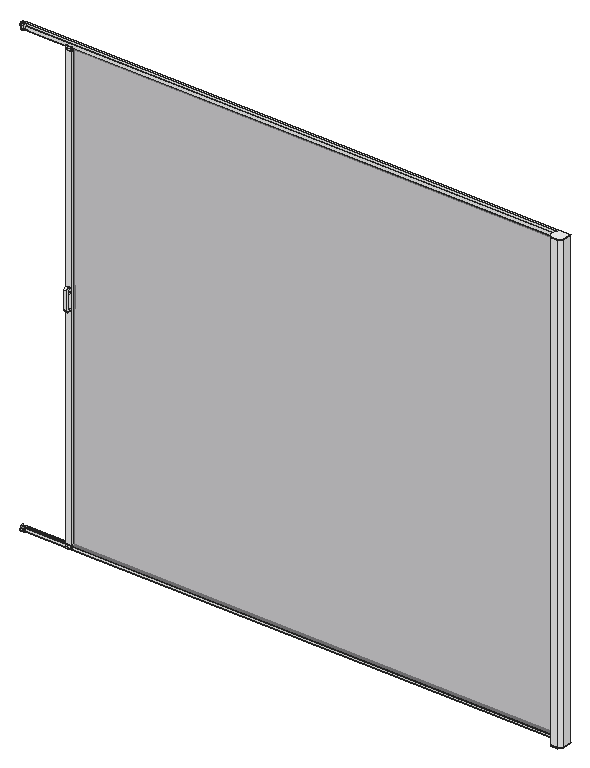
Revit family "Wall_Mount-Sliding-Phantom_Screens-Single_Parting-Manual_Wall_Screen-CS", category Specialty Equipment, Revit 2017
Family settings
  Round Connector Dimension = Use Diameter
  Part Type = Normal
  OmniClass Number = 23.30.60.21
  OmniClass Title = Insect Screens
  Work Plane-Based = No
  Always vertical = Yes
  Cut with Voids When Loaded = No
  Shared = No
  Room Calculation Point = No
Parameters (values of type "Latch Handle")
  Width [instance] = if(Requested Width > Max Width, Max Width, Requested Width)  # 12' - 0"
  URL = "https://www.phantomscreens.com/"
  Type Comments = "Single Parting Screen"  # constant formula
  Thickness = 0' - 1 93/128"  # constant formula
  Stop Location Calc [instance] = if(Latch Handle, Requested Stop Location, 0' 0")  # 0' - 0"
  Side Housing Offset = if(Recessed Track, 0' 1 1/4", 0' 0")  # 0' - 0"
  Requested Width [instance] = 12' - 0"
  Requested Height [instance] = 10' - 0"
  Recessed Track = no
  Recessed Cup Height = if(Recessed Track, 0' 1 1/4", 0' 0 1/8")  # 0' - 0 1/8"
  Product Page URL = "https://www.phantomscreens.com/manual-retractable-wall-screen/"
  Product Name = "Manual Wall Screens"  # constant formula
  Product Documentation Link = "https://www.phantomscreens.com/architects-designers/"
  Opening Stop Calc [instance] = Width - Stop Location Calc  # 12' - 0"
  Model = "Latch and Release System"  # constant formula
  Max Width = 12' - 0"  # constant formula
  Max Height = 10' - 0"  # constant formula
  Manufacturer = "Phantom Mfg. (Int'l) Ltd."  # constant formula
  Latch Handle = 1 = 1  # yes
  Height [instance] = if(Requested Height > Max Height, Max Height, Requested Height)  # 10' - 0"
  Finish Screen = Screen-Insect_Mesh-Phantom_Screens-BetterVue_Mesh
  Finish = Metal-Aluminum-Phantom_Screens-Classic_White
  Door Opening Width Calc [instance] = if(Screen Opening > Opening Stop Calc - 0' 5", Opening Stop Calc - 0' 5", Screen Opening)  # 1' - 0"
  Screen Opening [instance] = 1' - 0"
  Door Bottom Offset = if(Bottom Track, 0' 1 9/64", 0' 0 19/256")  # 0' - 1 9/64"
  Requested Stop Location [instance] = 0' - 0"
  Description = "Phantom oversized retractable door screen"  # constant formula
  Bottom Track = not(Recessed Track)  # yes
  Bottom Latch Offset = if(Bottom Track, 0' 1 1/4", 0' 0 175/256")  # 0' - 1 1/4"
  Assembly Code = "B2010300"
Reference planes (in)
  plane 1 "Center (Front/Back)": y = 0
  plane 2: z = 0
  plane 3 "Center (Left/Right)": x = -25.44354
  plane 4: z = 120
  plane 5 "Left": x = -97.44354
  plane 6 "Right": x = 46.55646
  plane 7 "Front": y = -1.19411
  plane 8 "Back": y = 0.53246
  plane 9 "Door Jamb": x = -85.44354
  plane 10: z = 1.14062
  plane 11: z = 118.31252
  plane 12: x = 43.39594
  plane 13 "Screen": y = -0.35141
  plane 14 "Recess": z = -1.25021
  plane 15: x = -97.44354
  plane 16: x = -85.44354
  plane 17: x = -97.44354
  plane 18: z = 118.74979
  plane 19 "Side Housing": z = 0
  plane 20: z = 59.3749
Forms (in)
  Sweep 1, solid, material "Metal-Aluminum-Phantom_Screens-Classic_White" <- "Finish", detail levels medium+fine
    path origin (0, 0.53246, 0) x (-1, 0, 0) y (0, 0, 1)
      loop
        line (85.44354, 1.38833) -> (85.44354, 118.04742)
    profile origin (-85.44354, 0.53246, 59.71787) x (-1, 0, 0) y (0, -1, 0)
      loop
        line (-1.73217, 0.66152) -> (-1.46479, 0.66152) -> (-1.46479, 0.58151) -> (-1.73217, 0.58151) -> (-1.73217, 0.4375) -> (-0.20217, 0.4375) -> (-0.20217, 0.53751) -> (-0.12186, 0.53751) -> (-0.12186, 0.4375) -> (0, 0.4375) -> (0, 0.71153) -> (-0.20002, 0.71153) -> (-0.20002, 0.79353) -> (0, 0.79353) -> (0, 1.10256) -> (-0.20102, 1.30358) -> (-1.73217, 1.30358) -> (-1.73217, 0.66152)
  Sweep 2, solid, material "Metal-Aluminum-Phantom_Screens-Classic_White" <- "Finish", detail levels medium+fine
    path origin (0, -1.19411, 0) x (-1, 0, 0) y (0, 0, 1)
      loop
        line (-46.55646, 0.125) -> (-46.55646, 119.875)
    profile origin (46.55646, -1.19411, 60) x (1, 0, 0) y (0, 1, 0)
      loop
        line (-3.16052, -0.43004) -> (-2.45783, -1.43358) -> (-0.70268, -1.43358) -> (0, -0.43004) -> (0, 1.72656) -> (-3.16052, 1.72656) -> (-3.16052, 1.33366) -> (-2.66887, 1.33366) -> (-2.66887, 0.97966) -> (-3.16052, 0.97966) -> (-3.16052, -0.43004)
  Sweep 3, solid, material "Metal-Aluminum-Phantom_Screens-Classic_White" <- "Finish", detail levels medium+fine
    path origin (0, 0.53246, 0) x (-1, 0, 0) y (0, 0, 1)
      loop
        line (96.4447, 120) -> (-43.39594, 120)
    profile origin (-26.52438, 0.53246, 120) x (0, 0, 1) y (0, -1, 0)
      loop
        line (-1.357, 0.06028) -> (-0.535, 0.06028) -> (-0.535, 0.12528) -> (-0.125, 0.12528) -> (-0.125, 0.06028) -> (0, 0.06028) -> (0, 0.64028) -> (-0.535, 0.64028) -> (-0.535, 0.88824) -> (-1.47494, 0.88824)
        arc (-1.47494, 0.88824) -> (-1.625, 0.85576) -> (-1.47494, 0.82328) r 0.07854
        line (-1.47494, 0.82328) -> (-0.615, 0.82328) -> (-0.615, 0.48178) -> (-1.357, 0.48178) -> (-1.357, 0.06028)
  Sweep 4, solid, material "Metal-Aluminum-Phantom_Screens-Classic_White" <- "Finish", visible <- "Bottom Track", detail levels medium+fine
    path origin (0, 0.53246, 90.02002) x (-1, 0, 0) y (0, 0, -1)
      loop
        line (96.4447, 90.02002) -> (-43.39594, 90.02002)
    profile origin (-26.52438, 0.53246, 0) x (0, 0, 1) y (0, -1, 0)
      loop
        line (0.08027, 0.46022) -> (0.34032, 0.46022) -> (0.34032, 0.06001) -> (1.04843, 0.06001) -> (1.04843, 0.50446) -> (0.42033, 0.50446) -> (0.42033, 0.82328) -> (0.89835, 0.82328)
        arc (0.89835, 0.82328) -> (1.04843, 0.85577) -> (0.89835, 0.88825) r 0.07856
        line (0.89835, 0.88825) -> (0.34032, 0.88825) -> (0.34032, 0.53246) -> (0, 0.53246) -> (0, 0.06001) -> (0.08027, 0.06001) -> (0.08027, 0.46022)
  Extrusion 5, solid, material "Metal-Aluminum-Phantom_Screens-Classic_White" <- "Finish", detail levels coarse
    sketch origin (0, 0, 0) x (1, 0, 0) y (0, 1, 0)
      loop
        line (43.39594, 0.53246) -> (43.39594, -2.62768) -> (46.55646, -2.62768) -> (46.55646, 0.53246) -> (43.39594, 0.53246)
    from 0.125 to 119.875
  Extrusion 6, solid, material "Metal-Aluminum-Phantom_Screens-Classic_White" <- "Finish", visible <- "Bottom Track", detail levels coarse
    sketch origin (-25.44354, 0, 0) x (0, 1, 0) y (0, 0, 1)
      loop
        line (0.47245, 0) -> (0.47245, 1.04843) -> (-0.40126, 1.04843) -> (-0.40126, 0) -> (0.47245, 0)
    from -72 to 68.83948
  Extrusion 7, solid, material "Metal-Aluminum-Phantom_Screens-Classic_White" <- "Finish", detail levels coarse
    sketch origin (0, -0.4375, 0) x (1, 0, 0) y (0, 1, 0)
      loop
        line (-85.44354, 0.96996) -> (-85.44354, 0.10387) -> (-83.71138, 0.10387) -> (-83.71138, 0.96996) -> (-85.44354, 0.96996)
    from 1.38833 to 118.04742
  Extrusion 8, solid, material "Screen-Insect_Mesh-Phantom_Screens-BetterVue_Mesh" <- "Finish Screen"
    sketch origin (0, 0, 0) x (1, 0, 0) y (0, 1, 0)
      loop
        line (-83.97876, -0.05832) -> (-83.97876, -0.13833) -> (46.02521, -0.13833) -> (46.02521, -0.05832) -> (-83.97876, -0.05832)
    from 0.42033 to 118.74979
  Sweep 9, solid, material "Metal-Aluminum-Phantom_Screens-Classic_White" <- "Finish", visible <- "Recessed Track", detail levels medium+fine
    path origin (0, 0.53246, 88.61356) x (-1, 0, 0) y (0, 0, -1)
      loop
        line (97.44354, 89.86377) -> (-43.3049, 89.86377)
    profile origin (-27.06932, 0.53246, -1.25021) x (0, 0, 1) y (0, -1, 0)
      loop
        line (0, 0) -> (1.25021, 0) -> (1.25021, 0.14017) -> (0.96542, 0.14017) -> (0.96542, 0.50023) -> (0.60536, 0.50023) -> (0.60536, 0.82328) -> (1.08338, 0.82328)
        arc (1.08338, 0.82328) -> (1.23346, 0.85577) -> (1.08338, 0.88825) r 0.07856
        line (1.08338, 0.88825) -> (0.38232, 0.88825) -> (0.38232, 1.56026) -> (1.25021, 1.56026) -> (1.25021, 1.62027) -> (0, 1.62027) -> (0, 0)
  Extrusion 10, solid, material "Metal-Aluminum-Phantom_Screens-Classic_White" <- "Finish", visible <- "Recessed Track", detail levels coarse
    sketch origin (-25.44354, 0, 0) x (0, 1, 0) y (0, 0, 1)
      loop
        line (0.53246, 0) -> (-1.08781, 0) -> (-1.08781, -1.25021) -> (0.53246, -1.25021) -> (0.53246, 0)
    from -72 to 72
  Extrusion 11, solid, material "Metal-Aluminum-Phantom_Screens-Classic_White" <- "Finish", detail levels coarse
    sketch origin (-25.44354, 1.75, 0) x (0, 1, 0) y (0, 0, 1)
      loop
        line (-1.27782, 120) -> (-2.15224, 120) -> (-2.15224, 118.375) -> (-1.27782, 118.375) -> (-1.27782, 120)
    from -72 to 68.83948
  Extrusion 12, solid, material "Metal-Aluminum-Phantom_Screens-Classic_White" <- "Finish", detail levels fine
    sketch origin (-25.44354, 0, 0) x (0, 1, 0) y (0, 0, 1)
      loop
        line (0.47218, 120) -> (-0.10578, 120) -> (-0.10578, 119.465) -> (-0.35578, 119.465) -> (-0.35578, 118.31252) -> (0.47218, 118.31252) -> (0.47218, 120)
    from -72.05731 to -72
  Extrusion 13, solid, material "Metal-Aluminum-Phantom_Screens-Classic_White" <- "Finish", visible <- "Bottom Track", detail levels fine
    sketch origin (-25.44354, 0, 0) x (0, 1, 0) y (0, 0, 1)
      loop
        line (-0.00778, 0.34032) -> (-0.00778, 0) -> (0.47245, 0) -> (0.47245, 1.14062) -> (-0.35579, 1.14062) -> (-0.35579, 0.34032) -> (-0.00778, 0.34032)
    from -72.05731 to -72
  Sweep 14, solid, material "Metal-Aluminum-Phantom_Screens-Classic_White" <- "Finish", detail levels medium+fine
    path origin (0, 0.53246, 0) x (-1, 0, 0) y (0, 0, 1)
      loop
        line (97.44354, 120) -> (96.44354, 120)
    profile origin (-96.94354, 0.53246, 120) x (0, 0, 1) y (0, -1, 0)
      loop
        line (-1.357, 0.06028) -> (-0.535, 0.06028) -> (-0.535, 0.12528) -> (-0.125, 0.12528) -> (-0.125, 0.06028) -> (0, 0.06028) -> (0, 0.64028) -> (-0.535, 0.64028) -> (-0.535, 0.88824) -> (-1.47494, 0.88824)
        arc (-1.47494, 0.88824) -> (-1.625, 0.85576) -> (-1.47494, 0.82328) r 0.07854
        line (-1.47494, 0.82328) -> (-0.615, 0.82328) -> (-0.615, 0.48178) -> (-1.357, 0.48178) -> (-1.357, 0.06028)
  Sweep 15, solid, material "Metal-Aluminum-Phantom_Screens-Classic_White" <- "Finish", visible <- "Bottom Track", detail levels medium+fine
    path origin (0, 0.53246, 90.02002) x (-1, 0, 0) y (0, 0, -1)
      loop
        line (97.44354, 90.02002) -> (96.4447, 90.02002)
    profile origin (-96.94412, 0.53246, 0) x (0, 0, 1) y (0, -1, 0)
      loop
        line (0.08027, 0.46022) -> (0.34032, 0.46022) -> (0.34032, 0.06001) -> (1.04843, 0.06001) -> (1.04843, 0.50446) -> (0.42033, 0.50446) -> (0.42033, 0.82328) -> (0.89835, 0.82328)
        arc (0.89835, 0.82328) -> (1.04843, 0.85577) -> (0.89835, 0.88825) r 0.07856
        line (0.89835, 0.88825) -> (0.34032, 0.88825) -> (0.34032, 0.53246) -> (0, 0.53246) -> (0, 0.06001) -> (0.08027, 0.06001) -> (0.08027, 0.46022)
Dimensions and locks (in)
  equal spacing: plane 5 "Left", plane 3 "Center (Left/Right)", plane 6 "Right"
  "Thickness": plane 8 "Back" to plane 7 "Front"
  "Door Opening Width Calc": plane 15 to plane 9 "Door Jamb"
  "Width": plane 5 "Left" to plane 6 "Right"
  Sweep 1 sketch curve to Sweep 1 sketch curve to profile plane to Sweep 1 sketch curve to Sweep 1 sketch curve to Sweep 1 sketch curve to Sweep 1 sketch curve to Sweep 1 sketch curve to Sweep 1 sketch curve to Sweep 1 sketch curve = 0' - 0" locked, 0' - 0" locked, 0' - 0.12186" locked, 0' - 0.07816" locked, 0' - 0.001" locked, 0' - 0.00115" locked, 0' - 1.26261" locked, 0' - 0.26738" locked, 0' - 0" locked
  profile plane to Sweep 1 sketch curve to Sweep 1 sketch curve to Sweep 1 sketch curve to Sweep 1 sketch curve to Sweep 1 sketch curve to Sweep 1 sketch curve to Sweep 1 sketch curve to Sweep 1 sketch curve to Sweep 1 sketch curve = 0' - 0 7/16", 0' - 0" locked, 0' - 0.10001", 0' - 0.044" locked, 0' - 0.08001" locked, 0' - 0.05" locked, 0' - 0.08201" locked, 0' - 0.30903" locked, 0' - 0.20102" locked
  "Door Bottom Offset": plane 10 to level
  locked: plane 4 to plane 11 at 1.68748
  locked: Sweep 3 sketch curve to plane 6 "Right" at 3.16052
  locked: Sweep 2 sketch curve to plane 19 "Side Housing" at 0.125
  locked: plane 4 to Sweep 2 sketch curve at 0.125
  Sweep 2 to plane 11 = 0' - 1 9/16"
  Extrusion 5 sketch curve to plane 6 "Right" = 0' - 3.16052"
  Extrusion 5 to level = 0' - 0 1/8"
  locked: plane 4 to Extrusion 5 at 0.125
  locked: Extrusion 6 sketch curve to plane 2 at 1.04843
  locked: plane 8 "Back" to Extrusion 6 sketch curve at 0.93372
  Extrusion 6 to plane 6 "Right" = 0' - 3.16052"
  locked: Sweep 1 to nested 4 at 0
  locked: plane 11 to Sweep 1 sketch curve at 0.2651
  locked: Sweep 1 sketch curve to plane 10 at 0.2477
  locked: plane 9 "Door Jamb" to Extrusion 7 sketch curve at 1.73217
  locked: plane 11 to Extrusion 7 at 0.2651
  "Height": plane 4 to level
  locked: nested 4 to plane 11 at 0.3126
  locked: plane 12 to Extrusion 8 sketch curve at 2.62927
  plane 13 "Screen" to Extrusion 8 sketch curve to Extrusion 8 sketch curve = 0' - 0.21308" locked, 0' - 0.08001" locked
  locked: plane 19 "Side Housing" to Extrusion 8 at 0.42033
  plane 4 to Extrusion 8 = 0' - 1.25021"
  locked: plane 9 "Door Jamb" to Extrusion 8 sketch curve at 1.46479
  equal spacing: plane 9 "Door Jamb", nested 5, Extrusion 7
  equal spacing: plane 9 "Door Jamb", nested 6, Extrusion 7
  locked: nested 8 to plane 11 at 0.64506
  plane 8 "Back" to nested 9 = 0' - 0.56344"
  plane 8 "Back" to nested 10 = 0' - 0.64028"
  locked: plane 12 to plane 6 "Right" at 3.16052
  locked: plane 8 "Back" to nested 13 at 0.06001
  locked: nested 7 to plane 10 at 0.03906
  nested 3 to plane 10 = 0' - 0.2477"
  locked: plane 8 "Back" to nested 15 at 0.06028
  locked: Extrusion 10 sketch curve to plane 14 "Recess" at 1.25021
  locked: plane 13 "Screen" to Extrusion 10 sketch curve at 0.7364
  locked: level to plane 14 "Recess" at 1.25021
  locked: nested 11 to plane 13 "Screen" at 0.44637
  "Stop Location Calc": plane 15 to plane 5 "Left"
  Sweep 2 sketch curve to Sweep 2 sketch curve to Sweep 2 sketch curve to Sweep 2 sketch curve to Sweep 2 sketch curve to Extrusion 5 to profile plane to Sweep 2 sketch curve = 0' - 0" locked, 0' - 0.49165" locked, 0' - 0.21104" locked, 0' - 1.75515" locked, 0' - 0.70268" locked, 0' - 0" locked, 0' - 0" locked
  Sweep 2 sketch curve to Sweep 2 sketch curve to Sweep 2 sketch curve to profile plane to Sweep 2 sketch curve to Sweep 2 sketch curve to Sweep 2 sketch curve = 0' - 0.3929" locked, 0' - 0.35401" locked, 0' - 0.97966" locked, 0' - 0.43004" locked, 0' - 0" locked, 0' - 1.00354" locked
  Extrusion 5 sketch curve to plane 8 "Back" to Extrusion 5 sketch curve = 0' - 0" locked, 0' - 3 41/256" locked
  Extrusion 5 sketch curve to plane 6 "Right" to Extrusion 5 sketch curve = 0' - 3.16052" locked, 0' - 0" locked
  locked: nested 1 to plane 6 "Right" at 1.58026
  locked: nested 12 to plane 8 "Back" at 1.58007
  locked: nested 12 to nested 2
  locked: nested 12 to nested 1 at 0
  "Bottom Latch Offset": plane 14 "Recess" to nested 9
  locked: plane 1 "Center (Front/Back)" to nested 9 at 0.03098
  Extrusion 5 to Sweep 4 sketch curve to Sweep 4 sketch curve to Sweep 4 sketch curve to Sweep 4 sketch curve to Sweep 4 sketch curve to Sweep 4 sketch curve to Sweep 4 sketch curve to Sweep 4 sketch curve = 0' - 0.06001" locked, 0' - 0" locked, 0' - 0.40021" locked, 0' - 0.04424" locked, 0' - 0.02799" locked, 0' - 0.29082" locked, 0' - 0.06497" locked, 0' - 0.04607" locked
  Sweep 4 sketch curve to profile plane to Sweep 4 sketch curve to Sweep 4 sketch curve to Sweep 4 sketch curve to Sweep 4 sketch curve to Sweep 4 sketch curve to Sweep 4 sketch curve = 0' - 0" locked, 0' - 0.08027" locked, 0' - 0.26004" locked, 0' - 0" locked, 0' - 0.08001" locked, 0' - 0.6281" locked, 0' - 0" locked
  profile plane to Extrusion 10 to Sweep 9 sketch curve to Sweep 9 sketch curve to Sweep 9 sketch curve to Sweep 9 sketch curve to Sweep 9 sketch curve to Sweep 9 sketch curve = 0' - 0" locked, 0' - 0.38232" locked, 0' - 0.22304" locked, 0' - 0.36006" locked, 0' - 0.26804" locked, 0' - 0.01674" locked, 0' - 0" locked
  Extrusion 10 to profile plane to Sweep 9 sketch curve to Sweep 9 sketch curve to Sweep 9 sketch curve to Sweep 9 sketch curve to Sweep 9 sketch curve to Sweep 9 sketch curve to Sweep 9 sketch curve = 0' - 0" locked, 0' - 0.14017" locked, 0' - 0.36006" locked, 0' - 0.32305" locked, 0' - 0.06497" locked, 0' - 0.04607" locked, 0' - 0.62593" locked, 0' - 0.06001" locked
  Sweep 3 sketch curve to Sweep 3 sketch curve to Sweep 3 sketch curve to Sweep 3 sketch curve to Sweep 3 sketch curve to Sweep 3 sketch curve = 0' - 0.268" locked, 0' - 0.742" locked, 0' - 0.08" locked, 0' - 0" locked, 0' - 0.535" locked
  profile plane to Sweep 3 sketch curve to Sweep 3 sketch curve to Sweep 3 sketch curve to Sweep 3 sketch curve to Sweep 3 sketch curve to Sweep 3 sketch curve to Sweep 3 sketch curve = 0' - 0.06028" locked, 0' - 0" locked, 0' - 0.065" locked, 0' - 0.3565" locked, 0' - 0.1585" locked, 0' - 0.183" locked, 0' - 0.06496" locked
  Extrusion 7 sketch curve to plane 1 "Center (Front/Back)" to Extrusion 7 sketch curve = 0' - 0.33363" locked, 0' - 0.53246" locked
  plane 8 "Back" to Extrusion 11 sketch curve to Extrusion 11 sketch curve = 0' - 0.06028" locked, 0' - 0.87442" locked
  Extrusion 11 sketch curve to plane 4 to Extrusion 11 sketch curve = 0' - 1 5/8" locked, 0' - 0" locked
  "Screen Opening": plane 16 to plane 15
  "Requested Width": plane 6 "Right" to plane 17
  "Requested Height": plane 18 to plane 14 "Recess"
  nested 3 to plane 1 "Center (Front/Back)" = 0' - 0.09496"
  "Side Housing Offset": plane 2 to plane 19 "Side Housing"
  locked: plane 19 "Side Housing" to Extrusion 5 at 0.125
  locked: plane 13 "Screen" to nested 8 at 0.17629
  locked: plane 13 "Screen" to Sweep 1 at 0.41972
  locked: plane 13 "Screen" to nested 7 at 0.41972
  locked: plane 13 "Screen" to nested 5 at 1.35794
  locked: nested 6 to plane 13 "Screen" at 1.38459
  locked: nested 3 to plane 19 "Side Housing" at 1.38833
  locked: Extrusion 7 to plane 19 "Side Housing" at 1.38833
  equal spacing: plane 4, plane 20, plane 14 "Recess"
  locked: Sweep 4 sketch curve to plane 5 "Left" at 0.99885
  locked: Sweep 3 sketch curve to plane 5 "Left" at 0.99885
  Sweep 15 sketch curve to Sweep 15 sketch curve to Sweep 15 sketch curve to Sweep 15 sketch curve to Sweep 15 sketch curve to Sweep 15 sketch curve to Sweep 15 sketch curve to Sweep 15 sketch curve = 0' - 0" locked, 0' - 0.40021" locked, 0' - 0.04424" locked, 0' - 0.02799" locked, 0' - 0.29082" locked, 0' - 0.06497" locked, 0' - 0.04607" locked
  Sweep 15 sketch curve to profile plane to Sweep 15 sketch curve to Sweep 15 sketch curve to Sweep 15 sketch curve to Sweep 15 sketch curve to Sweep 15 sketch curve to Sweep 15 sketch curve = 0' - 0" locked, 0' - 0.08027" locked, 0' - 0.26004" locked, 0' - 0" locked, 0' - 0.08001" locked, 0' - 0.6281" locked, 0' - 0" locked
  Sweep 14 sketch curve to Sweep 14 sketch curve to Sweep 14 sketch curve to Sweep 14 sketch curve to Sweep 14 sketch curve to Sweep 14 sketch curve = 0' - 0.268" locked, 0' - 0.742" locked, 0' - 0.08" locked, 0' - 0" locked, 0' - 0.535" locked
  profile plane to Sweep 14 sketch curve to Sweep 14 sketch curve to Sweep 14 sketch curve to Sweep 14 sketch curve to Sweep 14 sketch curve to Sweep 14 sketch curve to Sweep 14 sketch curve = 0' - 0.06028" locked, 0' - 0" locked, 0' - 0.065" locked, 0' - 0.3565" locked, 0' - 0.1585" locked, 0' - 0.183" locked, 0' - 0.06496" locked
  locked: Sweep 14 sketch curve to plane 5 "Left" at 1
  locked: Sweep 15 sketch curve to plane 5 "Left" at 0.99885
  locked: plane 5 "Left" to Extrusion 12 at 0.05731
  locked: plane 5 "Left" to Extrusion 13 at 0.05731
  Extrusion 13 sketch curve to Sweep 15 to Sweep 15 to level = 0' - 0.80031" locked, 0' - 0.34032" locked, 0' - 0" locked
  Extrusion 13 sketch curve to Extrusion 13 sketch curve to Extrusion 13 sketch curve = 0' - 0.48022" locked, 0' - 0.34802" locked
  plane 4 to Sweep 14 to Sweep 14 to Extrusion 12 sketch curve = 0' - 0" locked, 0' - 0.535" locked, 0' - 1.15248" locked
  Extrusion 12 sketch curve to Sweep 14 to plane 13 "Screen" to Extrusion 12 sketch curve = 0' - 0.58" locked, 0' - 0.24359" locked, 0' - 0.00437" locked
  locked: plane 12 to Sweep 9 sketch curve at 0.09103
  aligned and locked: level to plane 2
  aligned and locked: Sweep 1 sketch curve to plane 9 "Door Jamb"
  aligned and locked: Sweep 2 sketch curve to plane 6 "Right"
  aligned and locked: Sweep 4 sketch curve to level
  aligned and locked: plane 4 to nested 2
  aligned and locked: Extrusion 6 sketch curve to plane 2
  aligned and locked: Extrusion 6 to plane 5 "Left"
  aligned and locked: nested 3 to plane 9 "Door Jamb"
  aligned and locked: Extrusion 7 sketch curve to nested 3
  aligned and locked: nested 4 to plane 9 "Door Jamb"
  aligned and locked: plane 9 "Door Jamb" to nested 7
  aligned and locked: plane 9 "Door Jamb" to nested 11
  aligned and locked: plane 8 "Back" to nested 14
  aligned and locked: level to nested 13
  aligned and locked: plane 14 "Recess" to nested 14
  aligned and locked: plane 9 "Door Jamb" to nested 8
  aligned and locked: nested 15 to plane 4
  aligned and locked: Extrusion 10 sketch curve to nested 14
  aligned and locked: Extrusion 10 sketch curve to plane 14 "Recess"
  aligned and locked: Extrusion 10 to plane 5 "Left"
  aligned and locked: Extrusion 10 to plane 6 "Right"
  aligned and locked: plane 15 to nested 10
  aligned and locked: plane 15 to nested 9
  aligned and locked: nested 2 to nested 12
  aligned and locked: Extrusion 11 to plane 5 "Left"
  aligned and locked: plane 12 to Extrusion 11
  aligned and locked: nested 10 to Sweep 3  (x2)
  aligned and locked: nested 7 to nested 3
  aligned and locked: nested 12 to plane 12
  aligned and locked: plane 20 to nested 5
  aligned and locked: plane 20 to nested 6
  aligned and locked: nested 16 to Sweep 9  (x3)
  aligned and locked: level to nested 1
  aligned and locked: plane 18 to Extrusion 8
  aligned and locked: plane 5 "Left" to Sweep 14 sketch curve
  aligned and locked: plane 5 "Left" to Sweep 15 sketch curve
  aligned and locked: plane 5 "Left" to Extrusion 12
  aligned and locked: plane 5 "Left" to Extrusion 13
  aligned and locked: plane 12 to Sweep 4 sketch curve
  aligned and locked: plane 12 to Extrusion 6
Automatic sketch dimensions
  profile plane to Sweep 3 sketch curve = 0' - 0"
  Sweep 3 sketch curve to Sweep 3 sketch curve = 0' - 0.11794"
  Sweep 3 sketch curve to Sweep 3 sketch curve = 0' - 0"
  profile plane to Sweep 3 sketch curve = 0' - 0 1/8"
  Sweep 4 sketch curve to Sweep 4 sketch curve = 0' - 0.15008"
  plane 8 "Back" to Extrusion 6 sketch curve = 0' - 0.06001"
  Sweep 9 sketch curve to plane 14 "Recess" = 0' - 0"
  Sweep 9 sketch curve to plane 5 "Left" = 0' - 0"
  profile plane to Sweep 9 sketch curve = 0' - 0"
  Sweep 9 sketch curve to plane 8 "Back" = 0' - 0"
  Sweep 9 sketch curve to Sweep 9 sketch curve = 0' - 0.11796"
  Extrusion 12 sketch curve to plane 4 = 0' - 0"
  plane 1 "Center (Front/Back)" to Extrusion 12 sketch curve = 0' - 0.10578"
  Extrusion 12 sketch curve to plane 4 = 0' - 0.535"
  level to Extrusion 13 sketch curve = 0' - 0.34032"
  Extrusion 13 sketch curve to level = 0' - 0"
  Sweep 3 sketch curve to plane 4 = 0' - 0"
  profile plane to Sweep 14 sketch curve = 0' - 0"
  Sweep 14 sketch curve to Sweep 14 sketch curve = 0' - 0.11794"
  Sweep 14 sketch curve to Sweep 14 sketch curve = 0' - 0"
  profile plane to Sweep 14 sketch curve = 0' - 0 1/8"
  Sweep 15 sketch curve to level = 0' - 0"
  Sweep 15 sketch curve to Sweep 15 sketch curve = 0' - 0.15008"
  plane 8 "Back" to Sweep 15 sketch curve = 0' - 0.06001"
  Sweep 14 sketch curve to plane 4 = 0' - 0"
  plane 13 "Screen" to Extrusion 13 sketch curve = 0' - 0.00438"
Nested families (in)
  nested 1: "Nested-Phantom_Screens-Manual-Extrusion-Cap" at (44.9762, -1.04761, 0), type "Bottom Cap", detail levels medium+fine
    with Top Offset 0' - 0 1/8", Recessed Bottom Height 0' - 0 1/8"
  nested 2: "Nested-Phantom_Screens-Manual-Extrusion-Cap" at (44.9762, -1.04761, 119.875), type "Top Cap", detail levels fine
  nested 3: "Nested-Phantom_Screens-Manual-Extrusion-Cap-Pull" at (-84.57746, 0.09496, 1.17983), type "Bottom Cap"
  nested 4: "Nested-Phantom_Screens-Manual-Extrusion-Cap-Pull" at (-84.57746, 0.09496, 118.04742), type "Top Cap"
  nested 5: "Nested-Phantom_Screens-Door_Pull" at (-84.57746, -0.77113, 23.3749), Latch Right <- "Latch Handle", type "Door Pull"
    with Latch Right yes, Latch Left no
  nested 6: "Nested-Phantom_Screens-Door_Pull" at (-84.57746, 0.09496, 23.3749) x (-1, 0, 0) z (0, 0, 1), Latch Left <- "Latch Handle", type "Door Pull"
    with Latch Right no, Latch Left yes
  nested 7: "Nested-Phantom_Screens-Manual-Extrusion-Cap-Pull-Latch" at (-84.57746, 0.09496, 1.17969), visible <- "Latch Handle", type "Bottom Cap"
  nested 8: "Nested-Phantom_Screens-Manual-Extrusion-Cap-Pull-Latch" at (-84.57746, 0.09496, 118.04742), visible <- "Latch Handle", type "Top Cap"
  nested 9: "Nested-Phantom_Screens-Manual-Extrusion-Latch" at (-96.81317, -0.03098, 0.38979), visible <- "Bottom Track", type "Bottom Cap", detail levels fine
  nested 10: "Nested-Phantom_Screens-Manual-Extrusion-Latch" at (-96.81317, -0.10782, 119.385), visible <- "Latch Handle", type "Top Cap", detail levels fine
  nested 11: "Nested-Detail-Phantom_Screens-Slide_Bar" at (-84.57746, -0.33808, 0), type "Slide Bar"
  nested 12: "Nested-Detail-Phantom_Screens-Manual-Housing" at (44.9762, -1.04761, 0) x (-1, 0, 0) z (0, 0, 1), type "Housing"
  nested 13: "Nested-Detail-Phantom_Screens-Manual-Bottom-Track" at (-25.44354, 0.05073, 0) x (0, -1, 0) z (1, 0, 0), visible <- "Bottom Track", type "Bottom Track"
  nested 14: "Nested-Detail-Phantom_Screens-Manual-Recessed_Track" at (-25.44354, -0.27768, -1.25021) x (0, -1, 0) z (1, 0, 0), visible <- "Recessed Track", type "Recessed Track"
  nested 15: "Nested-Detail-Phantom_Screens-Manual-Top_Track" at (-25.44354, 0.05068, 118.375) x (0, -1, 0) z (1, 0, 0), type "Recessed Track"
  nested 16: "Nested-Phantom_Screens-Manual-Recessed-Extrusion-Latch" at (-96.81317, -0.35579, -0.75888), visible <- "Recessed Track", type "Bottom Cap", detail levels fine
Definition of nested family "Nested-Phantom_Screens-Manual-Extrusion-Cap"
  Parameters (values of type "Bottom Cap")
    URL = "https://www.phantomscreens.com/"
    Type Comments = "Bottom Cap"
    Top Offset = if(Recessed Bottom Height = 0' 1 1/4", 0' 0", 0' 0 1/8")  # 0' - 0"
    Recessed Bottom Height = 0' - 1 1/4"
    Model = "Retractable Door Screen"  # constant formula
    Manufacturer = "Phantom Mfg. (Int'l) Ltd."  # constant formula
    Finish = none
    Description = "For Phantom Mfg. Models Only"  # constant formula
  Types (2): name | URL | Type Comments | Top Offset | Recessed Bottom Height
    Top Cap | "" | "Top Cap" | 0' - 0 1/8" | 0' - 0 1/8"
    Bottom Cap | "https://www.phantomscreens.com/" | "Bottom Cap" | 0' - 0" | 0' - 1 1/4"
  Reference planes (in)
    plane 1 "Center (Front/Back)": y = 0
    plane 2: z = 0
    plane 3 "Center (Left/Right)": x = 0
  Forms (in)
    Extrusion 1, solid, material <- "Finish", detail levels medium+fine
      sketch origin (-45.58769, 1.13884, -0.25) x (1, 0, 0) y (0, 1, 0)
        loop
          line (47.25899, -1.74423) -> (47.25899, 0.53246) -> (43.9164, 0.53246) -> (43.9164, -1.74423) -> (44.66275, -2.81013) -> (46.51264, -2.81013) -> (47.25899, -1.74423)
      from -1 to 0.25
    Extrusion 2, solid, material <- "Finish", detail levels coarse
      sketch origin (0, 0.80801, 0) x (1, 0, 0) y (0, 1, 0)
        loop
          line (-1.67129, 0.86328) -> (-1.67129, -2.4793) -> (1.67129, -2.4793) -> (1.67129, 0.86328) -> (-1.67129, 0.86328)
      from -1.25 to 0
  Dimensions and locks (in)
    level to Extrusion 1 = 0' - 1 1/4"
    level to Extrusion 2 = 0' - 1 1/4"
    Extrusion 2 sketch curve to plane 3 "Center (Left/Right)" to Extrusion 2 sketch curve = 0' - 1.67129" locked, 0' - 1.67129" locked
    Extrusion 2 sketch curve to plane 1 "Center (Front/Back)" to Extrusion 2 sketch curve = 0' - 1.67129" locked, 0' - 1.67129" locked
    Extrusion 1 sketch curve to Extrusion 1 sketch curve to Extrusion 1 sketch curve to plane 1 "Center (Front/Back)" to Extrusion 1 sketch curve = 0' - 1.0659" locked, 0' - 0" locked, 0' - 0.60539" locked, 0' - 1.67129" locked
    Extrusion 1 sketch curve to Extrusion 1 sketch curve to plane 3 "Center (Left/Right)" to Extrusion 1 sketch curve to Extrusion 1 sketch curve = 0' - 0.74635" locked, 0' - 0.92494" locked, 0' - 0.92494" locked, 0' - 0.74635" locked
    "Top Offset": Extrusion 2 to level
    "Recessed Bottom Height": Extrusion 2 to Extrusion 1
    "Recessed Bottom Height": Extrusion 2 to Extrusion 2
    "Top Offset": Extrusion 1 to level
    aligned and locked: plane 2 to level
Definition of nested family "Nested-Phantom_Screens-Manual-Extrusion-Cap-Pull"
  Parameters (values of type "Bottom Cap")
    URL = "https://www.phantomscreens.com/"
    Type Comments = if(Top Cap, "Top Pull Cap", "Bottom Pull Cap")  # "Bottom Pull Cap"
    Top Offset = if(Top Cap, 0' 0 37/64", 0' 0 53/256")  # 0' - 0 53/256"
    Top Cap = no
    Model = "Retractable Door Screen"  # constant formula
    Manufacturer = "Phantom Mfg. (Int'l) Ltd."  # constant formula
    Finish = none
    Description = "For Phantom Mfg. Models Only"  # constant formula
    Bottom Offset = if(Bottom Cap, 0' 0 95/256", 0' 0")  # 0' - 0 95/256"
    Bottom Cap = not(Top Cap)  # yes
  Types (2): name | URL | Type Comments | Top Offset | Top Cap | Bottom Offset | Bottom Cap
    Bottom Cap | "https://www.phantomscreens.com/" | "Bottom Pull Cap" | 0' - 0 53/256" | no | 0' - 0 95/256" | yes
    Top Cap | "" | "Top Pull Cap" | 0' - 0 37/64" | yes | 0' - 0" | no
  Reference planes (in)
    plane 1 "Back": y = 0
    plane 2: z = 0
    plane 3 "Center (Left/Right)": x = 0
    plane 4 "Left": x = -0.86608
    plane 5 "Right": x = 0.86608
    plane 6 "Front": y = -0.86608
  Forms (in)
    Extrusion 1, solid, material <- "Finish", visible <- "Bottom Cap", detail levels medium+fine
      sketch origin (-1.26679, 44.02753, 89.27582) x (0, 1, 0) y (0, 0, -1)
        loop
          line (-44.65018, 89.64502) -> (-44.65018, 89.27582) -> (-44.25018, 89.27582) -> (-44.25018, 89.64502) -> (-44.36018, 89.64502) -> (-44.36018, 89.48502)
          arc (-44.36018, 89.48502) -> (-44.45018, 89.39502) -> (-44.54018, 89.48502) r 0.09
          line (-44.54018, 89.48502) -> (-44.54018, 89.64502) -> (-44.65018, 89.64502)
      from -1.93384 to -0.4007
    Extrusion 2, solid, material <- "Finish", detail levels coarse
      sketch origin (0, -0.86328, 0) x (1, 0, 0) y (0, 1, 0)
        loop
          line (-0.86608, 0.86328) -> (-0.86608, -0.0028) -> (0.86608, -0.0028) -> (0.86608, 0.86328) -> (-0.86608, 0.86328)
      from -0.37109 to 0.20703
    Extrusion 3, solid, material <- "Finish", detail levels medium+fine
      sketch origin (0, 0, 0) x (1, 0, 0) y (0, 1, 0)
        loop
          line (-0.86608, -0.66506) -> (-0.66506, -0.86608) -> (0.86608, -0.86608) -> (0.86608, 0) -> (-0.86608, 0) -> (-0.86608, -0.66506)
      from 0 to 0.2085
    Extrusion 4, solid, material <- "Finish", visible <- "Top Cap", detail levels medium+fine
      sketch origin (-1.26679, 44.02753, -89.06732) x (0, 1, 0) y (0, 0, -1)
        loop
          line (-44.65018, -89.64502) -> (-44.54018, -89.64502) -> (-44.54018, -89.48502)
          arc (-44.54018, -89.48502) -> (-44.45018, -89.39502) -> (-44.36018, -89.48502) r 0.09
          line (-44.36018, -89.48502) -> (-44.36018, -89.64502) -> (-44.25018, -89.64502) -> (-44.25018, -89.27582) -> (-44.65018, -89.27582) -> (-44.65018, -89.64502)
      from -1.93384 to -0.4007
  Dimensions and locks (in)
    Extrusion 1 sketch curve to Extrusion 1 sketch curve to Extrusion 1 sketch curve to Extrusion 1 sketch curve to plane 2 = 0' - 0" locked, 0' - 0 1/4" locked, 0' - 0.1192" locked, 0' - 0" locked
    Extrusion 1 sketch curve to Extrusion 1 sketch curve to Extrusion 1 sketch curve to Extrusion 1 sketch curve to plane 1 "Back" = 0' - 0.11" locked, 0' - 0.18" locked, 0' - 0.11" locked, 0' - 0 57/256" locked
    "Bottom Offset": level to Extrusion 2
    "Top Offset": Extrusion 2 to level
    Extrusion 2 sketch curve to plane 3 "Center (Left/Right)" to Extrusion 2 sketch curve = 0' - 0.86608" locked, 0' - 0.86608" locked
    Extrusion 2 sketch curve to plane 1 "Back" to Extrusion 2 sketch curve = 0' - 0.86608" locked, 0' - 0" locked
    Extrusion 3 sketch curve to plane 3 "Center (Left/Right)" to Extrusion 3 sketch curve = 0' - 0.86608" locked, 0' - 0.86608" locked
    Extrusion 3 sketch curve to plane 1 "Back" to Extrusion 3 sketch curve = 0' - 0.86608" locked, 0' - 0" locked
    plane 2 to Extrusion 4 sketch curve to Extrusion 4 sketch curve to Extrusion 4 sketch curve to Extrusion 4 sketch curve = 0' - 0.2085" locked, 0' - 0.2992" locked, 0' - 0.07" locked, 0' - 0" locked
    Extrusion 4 sketch curve to Extrusion 4 sketch curve to Extrusion 4 sketch curve to Extrusion 4 sketch curve to plane 1 "Back" = 0' - 0.11" locked, 0' - 0.18" locked, 0' - 0.11" locked, 0' - 0 57/256" locked
    locked: Extrusion 3 to level at 0.2085
    plane 5 "Right" to plane 3 "Center (Left/Right)" to plane 4 "Left" = 0' - 0.86608" locked, 0' - 0.86608" locked
    locked: plane 1 "Back" to plane 6 "Front" at 0.86608
    aligned and locked: plane 2 to level
    aligned and locked: Extrusion 3 to level
  Automatic sketch dimensions
    Extrusion 3 sketch curve to Extrusion 3 sketch curve = 0' - 0.20102"  (x2)
Definition of nested family "Nested-Phantom_Screens-Door_Pull"
  Parameters (values of type "Door Pull")
    URL = "https://www.phantomscreens.com/"
    Type Comments = "Pull"  # constant formula
    Model = "Retractable Door Screen"  # constant formula
    Manufacturer = "Phantom Mfg. (Int'l) Ltd."  # constant formula
    Latch Right [instance] = yes
    Latch Left [instance] = yes
    Center Line of Pull = 3' - 0"
    Height = 0' - 6 1/32"
    Finish = none
    Description = "For Phantom Mfg. Models Only"  # constant formula
  Reference planes (in)
    plane 1 "Back": y = 0
    plane 2 "Bottom": z = 32.98437
    plane 3 "Center (Left/Right)": x = 0
    plane 4 "Left": x = -0.60355
    plane 5 "Right": x = 0.60355
    plane 6 "Front": y = -0.93822
    plane 7 "Top": z = 39.01563
    plane 8: y = -0.43822
    plane 9: y = 0
    plane 10: z = 36
  Forms (in)
    SweptBlend 1, solid, material <- "Finish", detail levels fine
      path origin (0, 0, 0) x (0, 1, 0) y (0, 0, 1)
        loop
          line (-0.43822, 39.01563) -> (-0.93822, 39.01563)
      profile origin (0, -0.43822, 39.01563) x (0, 0, -1) y (1, 0, 0)
        loop
          line (0, -0.25) -> (0.35355, -0.60355) -> (0.85355, -0.60355) -> (0.85355, 0.60355) -> (0.35355, 0.60355) -> (0, 0.25) -> (0, -0.25)
      end profile origin (0, -0.93822, 39.01563) x (0, 0, -1) y (1, 0, 0)
        loop
          line (0.60355, -0.375) -> (0.85355, -0.375) -> (0.85355, 0.375) -> (0.60355, 0.375) -> (0.60355, -0.375)
    Extrusion 2, solid, material <- "Finish", detail levels fine
      sketch origin (0, 0, -0.85355) x (1, 0, 0) y (0, 0, 1)
        loop
          line (-0.60355, 39.51562) -> (-0.60355, 39.01562) -> (0.60355, 39.01562) -> (0.60355, 39.51562) -> (0.25, 39.86918) -> (-0.25, 39.86918) -> (-0.60355, 39.51562)
      from 0 to 0.43822
    SweptBlend 3, solid, material <- "Finish", detail levels fine
      path origin (0, 0, 22.99273) x (0, 1, 0) y (0, 0, -1)
        loop
          line (-0.43822, -9.99165) -> (-0.93822, -9.99165)
      profile origin (0, -0.43822, 32.98438) x (0, 0, -1) y (1, 0, 0)
        loop
          line (0, -0.25) -> (0, 0.25) -> (-0.35355, 0.60355) -> (-0.85355, 0.60355) -> (-0.85355, -0.60355) -> (-0.35355, -0.60355) -> (0, -0.25)
      end profile origin (0, -0.93822, 32.98438) x (0, 0, -1) y (1, 0, 0)
        loop
          line (-0.60355, -0.375) -> (-0.60355, 0.375) -> (-0.85355, 0.375) -> (-0.85355, -0.375) -> (-0.60355, -0.375)
    Extrusion 4, solid, material <- "Finish", detail levels fine
      sketch origin (0, 0, 23.84628) x (1, 0, 0) y (0, 0, 1)
        loop
          line (-0.60355, 9.49165) -> (-0.25, 9.13809) -> (0.25, 9.13809) -> (0.60355, 9.49165) -> (0.60355, 9.99165) -> (-0.60355, 9.99165) -> (-0.60355, 9.49165)
      from 0 to 0.43822
    Extrusion 5, solid, material <- "Finish", detail levels fine
      sketch origin (0, 0, 0) x (1, 0, 0) y (0, 1, 0)
        loop
          line (-0.48928, -0.68822) -> (-0.375, -0.93822) -> (0.375, -0.93822) -> (0.48928, -0.68822) -> (-0.48928, -0.68822)
      from 33.83793 to 38.16207
    Extrusion 6, solid, material <- "Finish", detail levels medium
      sketch origin (0, 0, 0) x (1, 0, 0) y (0, 1, 0)
        loop
          line (-0.60355, 0) -> (-0.60355, -0.93822) -> (0.60355, -0.93822) -> (0.60355, 0) -> (-0.60355, 0)
      from 32.98437 to 39.01563
    Extrusion 7, solid, material <- "Finish", visible <- "Latch Left", detail levels fine
      sketch origin (0, 0, 0) x (1, 0, 0) y (0, 0, 1)
        loop
          arc (-0.60355, 37.66207) -> (-0.62658, 37.57674) -> (-0.54125, 37.55371) r 0.0625
          arc (-0.54125, 37.55371) -> (-0.23945, 37.81189) -> (-0.05207, 38.16207) r 1.0745
          line (-0.05207, 38.16207) -> (-0.184, 38.16207)
          arc (-0.184, 38.16207) -> (-0.34946, 37.87489) -> (-0.60355, 37.66207) r 0.9495
      from 0.3315 to 0.48465
    Extrusion 8, solid, material <- "Finish", visible <- "Latch Right", detail levels fine
      sketch origin (0, 0, 0) x (-1, 0, 0) y (0, 0, -1)
        loop
          arc (-0.60355, -37.66207) -> (-0.34946, -37.87489) -> (-0.184, -38.16207) r 0.9495
          line (-0.184, -38.16207) -> (-0.05207, -38.16207)
          arc (-0.05207, -38.16207) -> (-0.23945, -37.81189) -> (-0.54125, -37.55371) r 1.0745
          arc (-0.54125, -37.55371) -> (-0.62658, -37.57674) -> (-0.60355, -37.66207) r 0.0625
      from 0.3315 to 0.48465
  Cuts and joins
    joined: SweptBlend 1, Extrusion 2, SweptBlend 3, Extrusion 4, Extrusion 5
  Dimensions and locks (in)
    plane 5 "Right" to plane 3 "Center (Left/Right)" to plane 4 "Left" = 0' - 0.60355", 0' - 0.60355"
    locked: plane 1 "Back" to plane 6 "Front" at 0.93822
    SweptBlend 1 sketch curve to SweptBlend 1 sketch curve to profile plane to SweptBlend 1 sketch curve to SweptBlend 1 sketch curve = 0' - 0.35355" locked, 0' - 0 1/4" locked, 0' - 0 1/4" locked, 0' - 0.35355" locked
    SweptBlend 1 sketch curve to SweptBlend 1 sketch curve to SweptBlend 1 sketch curve to plane 7 "Top" = 0' - 0 1/2" locked, 0' - 0.35355" locked, 0' - 0" locked
    SweptBlend 1 sketch curve to SweptBlend 1 sketch curve to plane 7 "Top" = 0' - 0 1/4" locked, 0' - 0.60355" locked
    SweptBlend 1 sketch curve to plane 3 "Center (Left/Right)" to SweptBlend 1 sketch curve = 0' - 0 3/8" locked, 0' - 0 3/8" locked
    Extrusion 2 sketch curve to Extrusion 2 sketch curve to plane 3 "Center (Left/Right)" to Extrusion 2 sketch curve to Extrusion 2 sketch curve = 0' - 0.35355" locked, 0' - 0 1/4" locked, 0' - 0 1/4" locked, 0' - 0.35355" locked
    Extrusion 2 sketch curve to Extrusion 2 sketch curve to Extrusion 2 sketch curve to plane 7 "Top" to Extrusion 2 sketch curve = 0' - 0 1/2" locked, 0' - 0" locked, 0' - 0.35355" locked, 0' - 0" locked
    SweptBlend 3 sketch curve to SweptBlend 3 sketch curve to profile plane to plane 3 "Center (Left/Right)" to SweptBlend 3 sketch curve to SweptBlend 3 sketch curve = 0' - 0.35355" locked, 0' - 0 1/4" locked, 0' - 0" locked, 0' - 0 1/4" locked, 0' - 0.35355" locked
    SweptBlend 3 sketch curve to plane 2 "Bottom" to SweptBlend 3 sketch curve to SweptBlend 3 sketch curve = 0' - 0" locked, 0' - 0.35355" locked, 0' - 0 1/2" locked
    plane 2 "Bottom" to SweptBlend 3 sketch curve to SweptBlend 3 sketch curve = 0' - 0.60355" locked, 0' - 0 1/4" locked
    SweptBlend 3 sketch curve to plane 3 "Center (Left/Right)" to SweptBlend 3 sketch curve = 0' - 0 3/8" locked, 0' - 0 3/8" locked
    Extrusion 4 sketch curve to Extrusion 4 sketch curve to plane 3 "Center (Left/Right)" to Extrusion 4 sketch curve to Extrusion 4 sketch curve = 0' - 0.35355" locked, 0' - 0 1/4" locked, 0' - 0 1/4" locked, 0' - 0.35355" locked
    Extrusion 4 sketch curve to Extrusion 4 sketch curve to Extrusion 4 sketch curve to Extrusion 4 sketch curve to plane 2 "Bottom" = 0' - 0 1/2" locked, 0' - 0" locked, 0' - 0.35355" locked, 0' - 0" locked
    "Height": plane 7 "Top" to plane 2 "Bottom"
    "Center Line of Pull": plane 10 to level
    locked: Extrusion 5 sketch curve to plane 6 "Front" at 0.25
    Extrusion 5 sketch curve to Extrusion 5 sketch curve to plane 3 "Center (Left/Right)" to Extrusion 5 sketch curve to Extrusion 5 sketch curve = 0' - 0.11428" locked, 0' - 0 3/8" locked, 0' - 0 3/8" locked, 0' - 0.11428" locked
    locked: plane 8 to plane 6 "Front" at 0.5
    plane 4 "Left" to plane 3 "Center (Left/Right)" to plane 5 "Right" = 0' - 0.60355" locked, 0' - 0.60355" locked
    equal spacing: plane 7 "Top", plane 10, plane 2 "Bottom"
    Extrusion 7 to plane 8 to Extrusion 7 = 0' - 0.10673" locked, 0' - 0.04643" locked
    plane 7 "Top" to Extrusion 7 sketch curve to Extrusion 7 sketch curve to Extrusion 7 sketch curve = 0' - 0.85355" locked, 0' - 0 1/2" locked, 0' - 0.10837" locked
    plane 3 "Center (Left/Right)" to Extrusion 7 sketch curve to Extrusion 7 sketch curve to Extrusion 7 sketch curve to Extrusion 7 sketch curve = 0' - 0.05207" locked, 0' - 0.13194" locked, 0' - 0.35724" locked, 0' - 0.06231" locked
    Extrusion 8 to Extrusion 8 = 0' - 0.15315"
    plane 7 "Top" to Extrusion 8 sketch curve to Extrusion 8 sketch curve to Extrusion 8 sketch curve = 0' - 0.85355" locked, 0' - 0 1/2" locked, 0' - 0.10837" locked
    plane 3 "Center (Left/Right)" to Extrusion 8 sketch curve to Extrusion 8 sketch curve to Extrusion 8 sketch curve to Extrusion 8 sketch curve = 0' - 0.05207" locked, 0' - 0.13194" locked, 0' - 0.35724" locked, 0' - 0.06231" locked
    Extrusion 8 to plane 8 to Extrusion 8 = 0' - 0.04643" locked, 0' - 0.10673" locked
    aligned and locked: plane 8 to SweptBlend 1 sketch curve
    aligned and locked: plane 6 "Front" to SweptBlend 1 sketch curve
    aligned and locked: plane 7 "Top" to SweptBlend 1 sketch curve
    aligned and locked: Extrusion 2 to plane 8
    aligned and locked: plane 9 to Extrusion 2
    aligned and locked: Extrusion 5 sketch curve to SweptBlend 1
    aligned and locked: Extrusion 5 to SweptBlend 3
    aligned and locked: Extrusion 5 to SweptBlend 1
    aligned and locked: plane 9 to Extrusion 4
    aligned and locked: cut or joined group of SweptBlend 1, Extrusion 2, SweptBlend 3, Extrusion 4, Extrusion 5 to plane 8
    aligned and locked: plane 9 to cut or joined group of SweptBlend 1, Extrusion 2, SweptBlend 3, Extrusion 4, Extrusion 5
    aligned and locked: plane 9 to plane 1 "Back"
    aligned and locked: plane 6 "Front" to Extrusion 6 sketch curve
    aligned and locked: plane 5 "Right" to Extrusion 6 sketch curve
    aligned and locked: plane 7 "Top" to Extrusion 6
    aligned and locked: Extrusion 6 to plane 2 "Bottom"
  Automatic sketch dimensions
    SweptBlend 1 sketch curve to profile plane = 0' - 0.35355"
    Extrusion 6 sketch curve to plane 4 "Left" = 0' - 0"
    plane 1 "Back" to Extrusion 6 sketch curve = 0' - 0"
    Extrusion 7 sketch curve to Extrusion 7 sketch curve = 0' - 0"  (x3)
    SweptBlend 3 sketch curve to plane 2 "Bottom" = 0' - 0"
    SweptBlend 3 sketch curve to plane 6 "Front" = 0' - 0"
    SweptBlend 3 sketch curve to plane 8 = 0' - 0"
    profile plane to SweptBlend 3 sketch curve = 0' - 0.35355"
    Extrusion 8 sketch curve to Extrusion 8 sketch curve = 0' - 0"  (x2)
    Extrusion 8 sketch curve to plane 5 "Right" = 0' - 0"
Definition of nested family "Nested-Phantom_Screens-Manual-Extrusion-Cap-Pull-Latch"
  Parameters (values of type "Top Cap")
    URL = ""
    Type Comments = if(Top Cap, "Top Pull Cap", "Bottom Pull Cap")  # "Top Pull Cap"
    Top Offset = if(Top Cap, 0' 0 233/256", 0' 0 53/256")  # 0' - 0 233/256"
    Top Cap = yes
    Model = "Retractable Door Screen"  # constant formula
    Manufacturer = "Phantom Mfg. (Int'l) Ltd."  # constant formula
    Finish = none
    Description = "For Phantom Mfg. Models Only"  # constant formula
    Bottom Offset = if(Bottom Cap, 0' 0 181/256", 0' 0")  # 0' - 0"
    Bottom Cap = not(Top Cap)  # no
  Types (2): name | URL | Type Comments | Top Offset | Top Cap | Bottom Offset | Bottom Cap
    Bottom Cap | "https://www.phantomscreens.com/" | "Bottom Pull Cap" | 0' - 0 53/256" | no | 0' - 0 181/256" | yes
    Top Cap | "" | "Top Pull Cap" | 0' - 0 233/256" | yes | 0' - 0" | no
  Reference planes (in)
    plane 1 "Back": y = 0
    plane 2: z = 0
    plane 3 "Center (Left/Right)": x = 0
    plane 4 "Left": x = -0.86608
    plane 5 "Right": x = 0.86608
    plane 6 "Front": y = -0.86608
  Forms (in)
    Extrusion 1, solid, material <- "Finish", visible <- "Bottom Cap", detail levels medium+fine
      sketch origin (-1.26679, 44.02753, 89.27582) x (0, 1, 0) y (0, 0, -1)
        loop
          line (-44.65018, 89.64502) -> (-44.65018, 89.27582) -> (-44.25018, 89.27582) -> (-44.25018, 89.64502) -> (-44.36018, 89.64502) -> (-44.36018, 89.48502)
          arc (-44.36018, 89.48502) -> (-44.45018, 89.39502) -> (-44.54018, 89.48502) r 0.09
          line (-44.54018, 89.48502) -> (-44.54018, 89.64502) -> (-44.65018, 89.64502)
      from -1.93384 to -0.4007
    Extrusion 2, solid, material <- "Finish", detail levels coarse
      sketch origin (0, -0.86328, 0) x (1, 0, 0) y (0, 1, 0)
        loop
          line (-0.86608, 0.86328) -> (-0.86608, -0.0028) -> (0.86608, -0.0028) -> (0.86608, 0.86328) -> (-0.86608, 0.86328)
      from 0 to 0.91016
    Extrusion 3, solid, material <- "Finish", detail levels medium+fine
      sketch origin (0, 0, 0) x (1, 0, 0) y (0, 1, 0)
        loop
          line (-0.86608, -0.66506) -> (-0.66506, -0.86608) -> (0.86608, -0.86608) -> (0.86608, 0) -> (-0.86608, 0) -> (-0.86608, -0.66506)
      from 0 to 0.2085
    Extrusion 4, solid, material <- "Finish", visible <- "Top Cap", detail levels medium+fine
      sketch origin (-1.26679, 44.02753, -89.06732) x (0, 1, 0) y (0, 0, -1)
        loop
          line (-44.65018, -89.64502) -> (-44.54018, -89.64502) -> (-44.54018, -89.48502)
          arc (-44.54018, -89.48502) -> (-44.45018, -89.39502) -> (-44.36018, -89.48502) r 0.09
          line (-44.36018, -89.48502) -> (-44.36018, -89.64502) -> (-44.25018, -89.64502) -> (-44.25018, -89.27582) -> (-44.65018, -89.27582) -> (-44.65018, -89.64502)
      from -1.93384 to -0.4007
    Extrusion 5, solid, material <- "Finish", visible <- "Top Cap", detail levels fine
      sketch origin (-12.0797, 2.38598, 0) x (1, 0, 0) y (0, 1, 0)
        loop
          line (11.26652, -3.10395) -> (11.41464, -3.25207) -> (11.88437, -3.25207)
          arc (11.88437, -3.25207) -> (12.17937, -3.35014) -> (12.47436, -3.25207) r 0.4927
          line (12.47436, -3.25207) -> (12.94579, -3.25207) -> (12.94579, -3.09798) -> (12.52169, -3.09798)
          arc (12.52169, -3.09798) -> (12.18422, -3.27612) -> (11.84367, -3.10395) r 0.41567
          line (11.84367, -3.10395) -> (11.26652, -3.10395)
      from 0.5777 to 0.91016
    Extrusion 6, solid, material <- "Finish", visible <- "Top Cap", detail levels fine
      sketch origin (-12.0797, 2.38598, 0) x (1, 0, 0) y (0, 1, 0)
        loop
          line (11.21362, -3.00864) -> (11.21362, -3.05105) -> (11.41464, -3.25207) -> (11.88437, -3.25207)
          arc (11.88437, -3.25207) -> (12.17937, -3.35014) -> (12.47436, -3.25207) r 0.4927
          line (12.47436, -3.25207) -> (12.94579, -3.25207) -> (12.94579, -3.09798) -> (12.67418, -3.09798) -> (12.67418, -3.00864) -> (11.21362, -3.00864)
      from 0.20703 to 0.5777
    Extrusion 7, solid, material <- "Finish", visible <- "Bottom Cap", detail levels fine
      sketch origin (-12.0797, 2.38598, 0) x (1, 0, 0) y (0, 1, 0)
        loop
          line (11.26652, -3.10395) -> (11.41464, -3.25207) -> (11.88437, -3.25207)
          arc (11.88437, -3.25207) -> (12.17937, -3.35014) -> (12.47436, -3.25207) r 0.4927
          line (12.47436, -3.25207) -> (12.94579, -3.25207) -> (12.94579, -3.09798) -> (12.52169, -3.09798)
          arc (12.52169, -3.09798) -> (12.18422, -3.27612) -> (11.84367, -3.10395) r 0.41567
          line (11.84367, -3.10395) -> (11.26652, -3.10395)
      from -0.70703 to -0.3692
    Extrusion 8, solid, material <- "Finish", visible <- "Bottom Cap", detail levels fine
      sketch origin (-12.0797, 2.38598, 0) x (1, 0, 0) y (0, 1, 0)
        loop
          line (11.21362, -3.00864) -> (11.21362, -3.05105) -> (11.41464, -3.25207) -> (11.88437, -3.25207)
          arc (11.88437, -3.25207) -> (12.17937, -3.35014) -> (12.47436, -3.25207) r 0.4927
          line (12.47436, -3.25207) -> (12.94579, -3.25207) -> (12.94579, -3.09798) -> (12.67418, -3.09798) -> (12.67418, -3.00864) -> (11.21362, -3.00864)
      from -0.3692 to 0
  Dimensions and locks (in)
    Extrusion 1 sketch curve to Extrusion 1 sketch curve to Extrusion 1 sketch curve to Extrusion 1 sketch curve to plane 2 = 0' - 0" locked, 0' - 0 1/4" locked, 0' - 0.1192" locked, 0' - 0" locked
    Extrusion 1 sketch curve to Extrusion 1 sketch curve to Extrusion 1 sketch curve to Extrusion 1 sketch curve to plane 1 "Back" = 0' - 0.11" locked, 0' - 0.18" locked, 0' - 0.11" locked, 0' - 0 57/256" locked
    "Bottom Offset": level to Extrusion 2
    "Top Offset": Extrusion 2 to level
    Extrusion 2 sketch curve to plane 3 "Center (Left/Right)" to Extrusion 2 sketch curve = 0' - 0.86608" locked, 0' - 0.86608" locked
    Extrusion 2 sketch curve to plane 1 "Back" to Extrusion 2 sketch curve = 0' - 0.86608" locked, 0' - 0" locked
    Extrusion 3 sketch curve to plane 3 "Center (Left/Right)" to Extrusion 3 sketch curve = 0' - 0.86608" locked, 0' - 0.86608" locked
    Extrusion 3 sketch curve to plane 1 "Back" to Extrusion 3 sketch curve = 0' - 0.86608" locked, 0' - 0" locked
    plane 2 to Extrusion 4 sketch curve to Extrusion 4 sketch curve to Extrusion 4 sketch curve to Extrusion 4 sketch curve = 0' - 0.2085" locked, 0' - 0.2992" locked, 0' - 0.07" locked, 0' - 0" locked
    Extrusion 4 sketch curve to Extrusion 4 sketch curve to Extrusion 4 sketch curve to Extrusion 4 sketch curve to plane 1 "Back" = 0' - 0.11" locked, 0' - 0.18" locked, 0' - 0.11" locked, 0' - 0 57/256" locked
    locked: Extrusion 3 to level at 0.2085
    plane 5 "Right" to plane 3 "Center (Left/Right)" to plane 4 "Left" = 0' - 0.86608" locked, 0' - 0.86608" locked
    locked: plane 1 "Back" to plane 6 "Front" at 0.86608
    Extrusion 7 to Extrusion 7 to level = 0' - 0.33783" locked, 0' - 0.3692" locked
    Extrusion 8 to level to Extrusion 8 = 0' - 0" locked, 0' - 0.3692" locked
    Extrusion 6 to Extrusion 6 to level = 0' - 0.37067" locked, 0' - 0 53/256" locked
    level to Extrusion 5 to Extrusion 5 = 0' - 0.5777" locked, 0' - 0.33246" locked
    Extrusion 6 sketch curve to Extrusion 6 sketch curve to Extrusion 6 sketch curve to plane 6 "Front" to Extrusion 6 sketch curve to Extrusion 6 sketch curve to Extrusion 6 sketch curve = 0' - 0.04241" locked, 0' - 0.04693" locked, 0' - 0.15409" locked, 0' - 0" locked, 0' - 0" locked, 0' - 0.09807" locked
    Extrusion 6 sketch curve to plane 4 "Left" to Extrusion 6 sketch curve to Extrusion 6 sketch curve to Extrusion 6 sketch curve to Extrusion 6 sketch curve to Extrusion 6 sketch curve = 0' - 0" locked, 0' - 0.20102" locked, 0' - 0.46973" locked, 0' - 0.58999" locked, 0' - 0.19982" locked, 0' - 0.27161" locked
    plane 4 "Left" to Extrusion 7 sketch curve to Extrusion 7 sketch curve to Extrusion 7 sketch curve to Extrusion 7 sketch curve to Extrusion 7 sketch curve to Extrusion 7 sketch curve to Extrusion 7 sketch curve = 0' - 0.0529" locked, 0' - 0.14812" locked, 0' - 0.42903" locked, 0' - 0.0407" locked, 0' - 0.58999" locked, 0' - 0.04733" locked, 0' - 0.4241" locked
    Extrusion 7 sketch curve to Extrusion 7 sketch curve to plane 6 "Front" to Extrusion 7 sketch curve to Extrusion 7 sketch curve = 0' - 0.00597" locked, 0' - 0.14812" locked, 0' - 0" locked, 0' - 0" locked
    Extrusion 8 sketch curve to plane 4 "Left" to Extrusion 8 sketch curve to Extrusion 8 sketch curve to Extrusion 8 sketch curve to Extrusion 8 sketch curve to Extrusion 8 sketch curve = 0' - 0" locked, 0' - 0.20102" locked, 0' - 0.46973" locked, 0' - 0.58999" locked, 0' - 0.19982" locked, 0' - 0.27161" locked
    Extrusion 8 sketch curve to Extrusion 8 sketch curve to plane 6 "Front" to Extrusion 8 sketch curve to Extrusion 8 sketch curve to Extrusion 8 sketch curve = 0' - 0.08934" locked, 0' - 0.15409" locked, 0' - 0" locked, 0' - 0" locked, 0' - 0.09807" locked
    plane 4 "Left" to Extrusion 5 sketch curve to Extrusion 5 sketch curve to Extrusion 5 sketch curve to Extrusion 5 sketch curve to Extrusion 5 sketch curve to Extrusion 5 sketch curve to Extrusion 5 sketch curve = 0' - 0.0529" locked, 0' - 0.14812" locked, 0' - 0.42903" locked, 0' - 0.0407" locked, 0' - 0.58999" locked, 0' - 0.04733" locked, 0' - 0.4241" locked
    Extrusion 5 sketch curve to Extrusion 5 sketch curve to plane 6 "Front" to Extrusion 5 sketch curve to Extrusion 5 sketch curve = 0' - 0.00597" locked, 0' - 0.14812" locked, 0' - 0" locked, 0' - 0" locked
    aligned and locked: plane 2 to level
    aligned and locked: Extrusion 3 to level
  Automatic sketch dimensions
    plane 4 "Left" to Extrusion 3 sketch curve = 0' - 0.20102"
    plane 6 "Front" to Extrusion 3 sketch curve = 0' - 0.20102"
    Extrusion 7 sketch curve to Extrusion 7 sketch curve = 0' - 0.0012"
    Extrusion 7 sketch curve to Extrusion 7 sketch curve = 0' - 0.00302"
    plane 6 "Front" to Extrusion 8 sketch curve = 0' - 0.20102"
    Extrusion 5 sketch curve to Extrusion 5 sketch curve = 0' - 0.0012"
    Extrusion 5 sketch curve to Extrusion 5 sketch curve = 0' - 0.00302"
Definition of nested family "Nested-Phantom_Screens-Manual-Extrusion-Latch"
  Parameters (values of type "Top Cap")
    URL = ""
    Type Comments = if(Top Cap, "Top Pull Cap", "Bottom Pull Cap")  # "Top Pull Cap"
    Top Offset = if(Top Cap, 0' 0 37/64", 0' 0 53/256")  # 0' - 0 37/64"
    Top Cap = yes
    Model = "Retractable Door Screen"  # constant formula
    Manufacturer = "Phantom Mfg. (Int'l) Ltd."  # constant formula
    Finish = none
    Description = "For Phantom Mfg. Models Only"  # constant formula
    Bottom Offset = if(Bottom Cap, 0' 0 95/256", 0' 0")  # 0' - 0"
    Bottom Cap = not(Top Cap)  # no
  Types (2): name | URL | Type Comments | Top Offset | Top Cap | Bottom Offset | Bottom Cap
    Bottom Cap | "https://www.phantomscreens.com/" | "Bottom Pull Cap" | 0' - 0 53/256" | no | 0' - 0 95/256" | yes
    Top Cap | "" | "Top Pull Cap" | 0' - 0 37/64" | yes | 0' - 0" | no
  Reference planes (in)
    plane 1 "Back": y = 0
    plane 2: z = 0
    plane 3 "Center (Left/Right)": x = 0
    plane 4 "Left": x = -0.63038
    plane 5 "Right": x = 0.52271
    plane 6 "Front": y = -0.53
  Forms (in)
    Extrusion 1, solid, material <- "Finish", visible <- "Top Cap"
      sketch origin (-7.53125, 0, 0) x (1, 0, 0) y (0, 0, 1)
        loop
          line (6.90087, 0.39) -> (6.90087, 0) -> (7.37587, 0) -> (7.45364, -0.88891) -> (8.05396, -0.39) -> (8.05396, 0.39) -> (7.94076, 0.39) -> (7.94076, 0.24564)
          arc (7.94076, 0.24564) -> (7.90074, 0.14902) -> (7.80413, 0.109) r 0.13664
          line (7.80413, 0.109) -> (7.62848, 0.109)
          arc (7.62848, 0.109) -> (7.5324, 0.1488) -> (7.4926, 0.24488) r 0.13588
          line (7.4926, 0.24488) -> (7.4926, 0.39) -> (7.2882, 0.39) -> (7.2882, 0.24488)
          arc (7.2882, 0.24488) -> (7.15139, 0.10807) -> (7.01458, 0.24488) r 0.13681
          line (7.01458, 0.24488) -> (7.01458, 0.39) -> (6.90087, 0.39)
      from 0 to 0.53
    Extrusion 2, void
      sketch origin (0, -0.00195, 0.07813) x (0, 1, 0) y (0, 0, 1)
        loop
          line (-0.28381, 0.31471) -> (-0.28381, 0.44098) -> (-0.59957, 0.44098) -> (-0.59957, 0.05258) -> (-0.55386, 0.05258)
          arc (-0.55386, 0.05258) -> (-0.43414, 0.19941) -> (-0.28381, 0.31471) r 0.81687
      from -0.6543 to 0.54578
    Extrusion 3, solid, material <- "Finish", visible <- "Bottom Cap"
      sketch origin (-7.53125, 0, 0) x (1, 0, 0) y (0, 0, 1)
        loop
          line (6.90087, -0.39) -> (7.01458, -0.39) -> (7.01458, -0.24488)
          arc (7.01458, -0.24488) -> (7.15139, -0.10807) -> (7.2882, -0.24488) r 0.13681
          line (7.2882, -0.24488) -> (7.2882, -0.39) -> (7.41717, -0.39) -> (7.41717, -0.24488)
